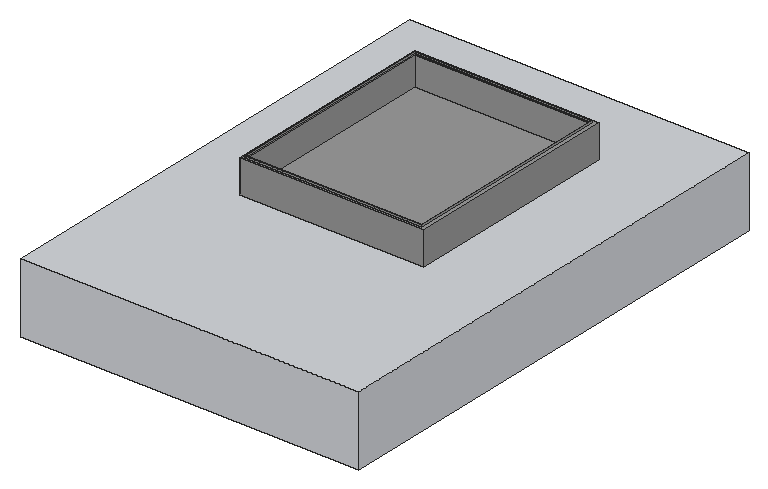
Revit family "Hager-Univers-IP30-D161-Cl.II-FWB-encl--CH-fr", category Equipement électrique, Revit 2020
Family settings
  Hôte = Face
  Configuration du panneau = Deux colonnes, circuits au sein
  Cote de connecteur circulaire = Utiliser le diamètre
  Type d'élément = Tableau de raccordement
  Couper avec des vides une fois chargée = Non
  Partagée = Non
  Point de calcul de pièce = Non
Parameters (values of type "saillie IP30 L800 H950 P161  - FWB63D1")
  Width Control [instance] = if([EF000008 - largeur] > Min Width, [EF000008 - largeur], Min Width)  # 800 mm
  Commentaires du type = [HG000003 - Gamme]  # "Univers"
  Thickness Door [instance] = if([EF009171 - épaisseur de matériau de la porte/du couvercle] > 3 mm, 3 mm, [EF009171 - épaisseur de matériau de la porte/du couvercle])  # 1 mm
  Seal Frame Offset [instance] = 17 mm  # constant formula
  Plinth Visibility [instance] = [HG000027 - Hauteur du socle] > 0 mm  # no
  Model = ""
  Min Width [instance] = 100 mm  # constant formula
  Min Height [instance] = 100 mm  # constant formula
  Min Depth [instance] = (2 * [EF009170 - épaisseur de matériau du boîtier]) + 1 mm  # 5 mm
  Internal Frame Depth [instance] = (Door System Depth * 0.5)  # 9 mm
  Height Control [instance] = if([EF000040 - hauteur] > Min Height, [EF000040 - hauteur], Min Height)  # 950 mm
  HG000027 - Hauteur du socle = 0 mm
  HG000026 - Installation au sol = no
  HG000024 - Hauteur de la section basse = 800 mm
  HG000023 - Armoire double section = no
  HG000016 - Visibilité de la porte 3D [instance] = yes
  HG000015 - Visibilité de l'emprise de la porte [instance] = no
  HG000014 - Porte à droite [instance] = yes
  HG000013 - Porte à gauche [instance] = not([HG000014 - Porte à droite])  # no
  HG000012 - Angle de pivotement de la porte [instance] = 30.00°
  HG000010 - Portes asymétriques = no
  HG000009 - Porte à double battant = no
  HG000006 - Encastré = no
  HG000004 - Référence fabricant = "FWB63D1"
  HG000003 - Gamme = "Univers"
  HG000002 - avec porte = no
  Frame Offset Bottom [instance] = 10 mm  # constant formula
  Frame Offset [instance] = 15 mm  # constant formula
  EF015940 - couvercle avec décharge de pression = no
  EF011959 - degré de protection (NEMA) = ""
  EF009554 - nombre d'ouvertures pour plaques à bride = 6
  Fabricant = "Hager"  # constant formula
  EF009212 - finition du couvercle = "EV009916 - avec échancrure"
  EF009171 - épaisseur de matériau de la porte/du couvercle = 1 mm
  EF009170 - épaisseur de matériau du boîtier = 2 mm
  EF008873 - courant nominal (In) = 125 A
  EF007800 - adapté à un parafoudre = no
  EF006306 - avec serrure = no
  EF006244 - couvercle/porte transparent(e) = no
  EF005474 - indice de protection (IP) = "EV006410 - IP30"
  EF004464 - type de porte = "EV000494 - sans"
  EF004427 - nombre de modules = 216
  EF004293 - indice de protection contre les chocs (IK) = "EV006815 - IK09"
  EF003532 - convient pour utilisation à l’extérieur = no
  EF002950 - largeur en nombre de modules = 12
  EF001613 - maintien de fonction = "EV000494 - sans"
  EF001596 - matériau du boîtier/corps = "EV000179 - acier"
  EF001131 - profondeur intérieure = 160 mm
  EF001088 - possibilité de montage en saillie = yes
  EF000437 - nombre d'entrées de conduit = 12
  EF000339 - type de capot = "EV004216 - porte"
  EF000266 - nombre de rangées = 0
  EF000218 - profondeur d'encastrement = 0 mm
  EF000118 - avec cadre/support de montage = no
  EF000116 - numéro RAL = "9010"
  EF000049 - profondeur = 161 mm
  EF000040 - hauteur = 950 mm
  EF000008 - largeur = 800 mm
  EF000007 - couleur = "EV000202 - blanc"
  EF000003 - mode de pose = "EV000384 - saillie"
  Door System Leaf Tolerance [instance] = 1.5 mm  # constant formula
  Door System Depth [instance] = 18 mm  # constant formula
  Door Height [instance] = Height Control - [HG000027 - Hauteur du socle]  # 950 mm
  Depth Control [instance] = if([EF000049 - profondeur] > Min Depth, [EF000049 - profondeur], Min Depth)  # 161 mm
  Default Elevation = 0 mm
  Connector Offset [instance] = Height Control / 2  # 475 mm
  Bottom Top Plate Trim [instance] = 1.5 mm  # constant formula
  Plinth height Ctrl [instance] = if([HG000027 - Hauteur du socle] > 0 mm, [HG000027 - Hauteur du socle], 12 mm)  # 12 mm
Types (19, lengths in mm): name | Width Control | Thickness Door | Min Depth | Height Control | HG000004 - Référence fabricant | EF009554 - nombre d'ouvertures pour plaques à bride | EF009212 - finition du couvercle | EF009171 - épaisseur de matériau de la porte/du couvercle | EF009170 - épaisseur de matériau du boîtier | EF004427 - nombre de modules | EF001131 - profondeur intérieure | EF000437 - nombre d'entrées de conduit | EF000339 - type de capot | EF000040 - hauteur | EF000008 - largeur | Door Height | Connector Offset
  saillie IP30 L1050 H1100 P161  - FWB74D1 | 1050 | 1 | 3 | 1100 | "FWB74D1" | 8 | "EV009916 - avec échancrure" | 1 | 1 | 336 | 156 | 16 | "EV000494 - sans" | 1100 | 1050 | 1100 | 550
  saillie IP30 L1050 H500 P161  - FWB34D1 | 1050 | 2 | 3 | 500 | "FWB34D1" | 8 | "EV009916 - avec échancrure" | 2 | 1 | 144 | 156 | 16 | "EV000494 - sans" | 500 | 1050 | 500 | 250
  saillie IP30 L1050 H650 P161  - FWB44D1 | 1050 | 1 | 3 | 650 | "FWB44D1" | 8 | "EV000116 - fermé" | 1 | 1 | 192 | 160 | 16 | "EV004216 - porte" | 650 | 1050 | 650 | 325
  saillie IP30 L1050 H800 P161  - FWB54D1 | 1050 | 1 | 5 | 800 | "FWB54D1" | 8 | "EV009916 - avec échancrure" | 1 | 2 | 240 | 160 | 16 | "EV004216 - porte" | 800 | 1050 | 800 | 400
  saillie IP30 L1050 H950 P161  - FWB64D1 | 1050 | 1 | 5 | 950 | "FWB64D1" | 8 | "EV009916 - avec échancrure" | 1 | 2 | 288 | 160 | 16 | "EV004216 - porte" | 950 | 1050 | 950 | 475
  saillie IP30 L300 H1100 P161  - FWB71D1 | 300 | 1 | 3 | 1100 | "FWB71D1" | 2 | "EV009916 - avec échancrure" | 1 | 1 | 84 | 156 | 4 | "EV000494 - sans" | 1100 | 300 | 1100 | 550
  saillie IP30 L300 H1250 P161  - FWB81D1 | 300 | 1 | 3 | 1250 | "FWB81D1" | 2 | "EV009916 - avec échancrure" | 1 | 1 | 96 | 160 | 4 | "EV000494 - sans" | 1250 | 300 | 1250 | 625
  saillie IP30 L300 H650 P161  - FWB41D1 | 300 | 1 | 3 | 650 | "FWB41D1" | 2 | "EV000116 - fermé" | 1 | 1 | 48 | 160 | 4 | "EV004216 - porte" | 650 | 300 | 650 | 325
  saillie IP30 L300 H800 P161  - FWB51D1 | 300 | 1 | 3 | 800 | "FWB51D1" | 2 | "EV009916 - avec échancrure" | 1 | 1 | 60 | 156 | 4 | "EV000494 - sans" | 800 | 300 | 800 | 400
  saillie IP30 L300 H950 P161  - FWB61D1 | 300 | 1 | 3 | 950 | "FWB61D1" | 2 | "EV009916 - avec échancrure" | 1 | 1 | 72 | 156 | 4 | "EV000494 - sans" | 950 | 300 | 950 | 475
  saillie IP30 L550 H1100 P161  - FWB72D1 | 550 | 1 | 3 | 1100 | "FWB72D1" | 4 | "EV009916 - avec échancrure" | 1 | 1 | 168 | 156 | 8 | "EV000494 - sans" | 1100 | 550 | 1100 | 550
  saillie IP30 L550 H500 P161  - FWB32D1 | 550 | 2 | 5 | 500 | "FWB32D1" | 4 | "EV009916 - avec échancrure" | 2 | 2 | 72 | 156 | 8 | "EV000494 - sans" | 500 | 550 | 500 | 250
  saillie IP30 L550 H650 P161  - FWB42D1 | 550 | 1 | 3 | 650 | "FWB42D1" | 4 | "EV000116 - fermé" | 1 | 1 | 96 | 160 | 8 | "EV004216 - porte" | 650 | 550 | 650 | 325
  saillie IP30 L550 H800 P161  - FWB52D1 | 550 | 1 | 3 | 800 | "FWB52D1" | 4 | "EV009916 - avec échancrure" | 1 | 1 | 120 | 156 | 8 | "EV000494 - sans" | 800 | 550 | 800 | 400
  saillie IP30 L550 H950 P161  - FWB62D1 | 550 | 1 | 3 | 950 | "FWB62D1" | 4 | "EV009916 - avec échancrure" | 1 | 1 | 144 | 156 | 8 | "EV000494 - sans" | 950 | 550 | 950 | 475
  saillie IP30 L800 H500 P161  - FWB33D1 | 800 | 1 | 3 | 500 | "FWB33D1" | 6 | "EV000116 - fermé" | 1 | 1 | 108 | 160 | 12 | "EV004216 - porte" | 500 | 800 | 500 | 250
  saillie IP30 L800 H650 P161  - FWB43D1 | 800 | 1 | 5 | 650 | "FWB43D1" | 6 | "EV000116 - fermé" | 1 | 2 | 144 | 160 | 12 | "EV004216 - porte" | 650 | 800 | 650 | 325
  saillie IP30 L800 H800 P161  - FWB53D1 | 800 | 1 | 3 | 800 | "FWB53D1" | 6 | "EV000116 - fermé" | 1 | 1 | 180 | 160 | 12 | "EV004216 - porte" | 800 | 800 | 800 | 400
  saillie IP30 L800 H950 P161  - FWB63D1 | 800 | 1 | 5 | 950 | "FWB63D1" | 6 | "EV009916 - avec échancrure" | 1 | 2 | 216 | 160 | 12 | "EV004216 - porte" | 950 | 800 | 950 | 475
Reference planes
  plane 1 "Center (Front/Back)": y = 0
  plane 2: z = 0
  plane 3 "Center (Left/Right)": x = 0
  plane 4: z = 161
  plane 5: y = 2
  plane 6: y = 475
  plane 7: y = 0
  plane 8: y = 950
  plane 9: z = 0
  plane 10: x = -385
  plane 11: x = 385
  plane 12: x = 383
  plane 13: x = -383
  plane 14: y = 948
  plane 15: x = -383
  plane 16: x = -400
  plane 17: x = 383
  plane 18: x = 400
  plane 19: x = 398
  plane 20: x = -398
  plane 21: y = 12
  plane 22: y = 950
  plane 23: y = 933
  plane 24: z = 143
  plane 25: z = 2
  plane 26: z = 141
  plane 27: z = 159
Forms (mm)
  Extrusion 1, solid
    sketch origin (0, 0, 0) x (1, 0, 0) y (0, 1, 0)
      loop
        line (-702.964, 1305) -> (-702.964, -811.445) -> (766.763, -811.445) -> (766.763, 1305) -> (-702.964, 1305)
    from 0 to -304.8
  Extrusion 2, solid, material "Hager_Steel_RAL7035_Light_Grey", visible <- "Plinth Visibility", detail levels medium+fine
    sketch origin (0, 0, 0) x (1, 0, 0) y (0, 1, 0)
      loop
        line (-400, 0) -> (400, 0) -> (400, 12) -> (-400, 12) -> (-400, 0)
    from 0 to 143
  Extrusion 3, solid, material "Hager_Steel_RAL7035_Light_Grey", detail levels medium+fine
    sketch origin (0, 0, 0) x (1, 0, 0) y (0, 1, 0)
      loop
        line (-400, 0) -> (400, 0) -> (400, 950) -> (-400, 950) -> (-400, 0)
    from 0 to 143
  Extrusion 4, void
    sketch origin (0, 0, 0) x (1, 0, 0) y (0, 1, 0)
      loop
        line (-398, 2) -> (398, 2) -> (398, 948) -> (-398, 948) -> (-398, 2)
    from 2 to 141
  Extrusion 5, void
    sketch origin (-381.607, -4572, 143) x (0, -1, 0) y (-1, 0, 0)
      loop
        line (-4584, 1.393) -> (-5505, 1.393) -> (-5505, -764.607) -> (-4584, -764.607) -> (-4584, 1.393)
    from 0 to 2 <- "EF009170 - épaisseur de matériau du boîtier"
  Extrusion 6, solid, material "Hager_Steel_RAL7035_Light_Grey", detail levels fine
    sketch origin (0, 0, 143) x (1, 0, 0) y (0, 1, 0)
      loop
        line (-383, 933) -> (-383, 12) -> (383, 12) -> (383, 933) -> (-383, 933)
      loop
        line (-384, 11) -> (384, 11) -> (384, 934) -> (-384, 934) -> (-384, 11)
    from 0 to 9 <- "Internal Frame Depth"
  Extrusion 7, solid, material "Hager_Steel_RAL7035_Light_Grey", detail levels coarse
    sketch origin (0, 0, 0) x (1, 0, 0) y (0, 1, 0)
      loop
        line (-400, 0) -> (400, 0) -> (400, 950) -> (-400, 950) -> (-400, 0)
    from 0 to 161
  Sweep 8, void
    path in 3D
      loop
        line (-400, 12, 0) -> (400, 12, 0) -> (400, 12, 143) -> (-400, 12, 143) -> (-400, 12, 0)
    profile origin (-400, 12, 71.5) x (-1, 0, 0) y (0, -1, 0)
      loop
        line (0, 0) -> (0, 1.5) -> (-1.5, 1.5)
        arc (-1.5, 1.5) -> (-1.061, 0.439) -> (0, 0) r 1.5
Cuts and joins
  Extrusion 4, Extrusion 5 cuts Extrusion 3
  Sweep 8 cuts Extrusion 2
Lines and regions (mm)
  Masking region 1
    outline origin (0, 0, 0) x (1, 0, 0) y (0, 0, 1)
      loop
        line (-400, 161) -> (-400, 0) -> (400, 0) -> (400, 161) -> (-400, 161)
  Masking region 2, detail levels medium+fine
    outline origin (0, 140, 0) x (0, 1, 0) y (0, 0, 1)
      loop
        line (-140, 0) -> (810, 0) -> (810, 143) -> (-140, 143) -> (-140, 0)
  Masking region 3, not visible, detail levels medium+fine
    outline origin (0, 297.922, 0) x (0, 1, 0) y (0, 0, 1)
      loop
        line (188.578, 0) -> (228.578, 0) -> (228.578, 149)
        arc (228.578, 149) -> (225.649, 156.071) -> (218.578, 159) r 10
        line (218.578, 159) -> (188.578, 159) -> (188.578, 0)
  Masking region 4, detail levels coarse
    outline origin (0, 0, 180) x (0, 1, 0) y (0, 0, 1)
      loop
        line (0, -180) -> (950, -180) -> (950, -19) -> (0, -19) -> (0, -180)
  Masking region 5, visible <- "Plinth Visibility", detail levels medium+fine
    outline origin (0, 52.24, 12.345) x (0, 0, -1) y (0, 1, 0)
      loop
        line (10.845, -40.24) -> (-129.155, -40.24)
        arc (-129.155, -40.24) -> (-129.594, -41.301) -> (-130.655, -41.74) r 1.5
        line (-130.655, -41.74) -> (-130.655, -52.24) -> (12.345, -52.24) -> (12.345, -41.74)
        arc (12.345, -41.74) -> (11.285, -41.301) -> (10.845, -40.24) r 1.5
  Masking region 6, detail levels medium+fine
    outline origin (-381.607, -4572, 143) x (-1, 0, 0) y (0, -1, 0)
      loop
        line (18.393, -5522) -> (18.393, -4572) -> (-781.607, -4572) -> (-781.607, -5522) -> (18.393, -5522)
  Masking region 7, visible <- "Plinth Visibility", detail levels medium+fine
    outline origin (-381.607, -4727, 143) x (-1, 0, 0) y (0, -1, 0)
      loop
        arc (16.893, -4739) -> (17.332, -4737.939) -> (18.393, -4737.5) r 1.5
        line (18.393, -4737.5) -> (18.393, -4727) -> (-781.607, -4727) -> (-781.607, -4737.5)
        arc (-781.607, -4737.5) -> (-780.546, -4737.939) -> (-780.107, -4739) r 1.5
        line (-780.107, -4739) -> (16.893, -4739)
  Masking region 8, detail levels coarse
    outline origin (-442.548, -4669.526, 143) x (-1, 0, 0) y (0, -1, 0)
      loop
        line (-42.548, -5619.526) -> (-42.548, -4669.526) -> (-842.548, -4669.526) -> (-842.548, -5619.526) -> (-42.548, -5619.526)
  sketch lines
    curve 1: line (-400, 12, 143) -> (-400, 12, 0)
    curve 2: line (400, 12, 143) -> (-400, 12, 143)
    curve 3: line (400, 12, 143) -> (400, 12, 0)
    curve 4: line (-400, 12, 0) -> (400, 12, 0)
Dimensions and locks
  "Depth Control": plane 4 to Extrusion 1
  "HG000027 - Hauteur du socle": plane 1 "Center (Front/Back)" to plane 7
  "EF009170 - épaisseur de matériau du boîtier": plane 5 to plane 7
  locked: connector elem to plane 3 "Center (Left/Right)"
  equal spacing: plane 8, plane 6, plane 7
  locked: connector elem to plane 6
  "EF009170 - épaisseur de matériau du boîtier": plane 8 to plane 14
  "EF009170 - épaisseur de matériau du boîtier": plane 10 to plane 13
  "EF009170 - épaisseur de matériau du boîtier": plane 12 to plane 11
  "Frame Offset": plane 20 to plane 13
  "Frame Offset": plane 12 to plane 19
  "EF009170 - épaisseur de matériau du boîtier": plane 16 to plane 20
  "EF009170 - épaisseur de matériau du boîtier": plane 19 to plane 18
  "Seal Frame Offset": plane 16 to plane 15
  "Seal Frame Offset": plane 17 to plane 18
  "Frame Offset Bottom": plane 21 to plane 5
  "Frame Offset": plane 14 to plane 23
  equal spacing: plane 16, plane 3 "Center (Left/Right)", plane 18
  "Width Control": plane 16 to plane 18
  "EF009170 - épaisseur de matériau du boîtier": plane 4 to plane 27
  "EF009170 - épaisseur de matériau du boîtier": plane 24 to plane 26
  "EF009170 - épaisseur de matériau du boîtier": plane 25 to level
  "Door System Depth": plane 4 to plane 24
  "Height Control": plane 1 "Center (Front/Back)" to Extrusion 7 sketch curve
  "Height Control": Masking region 4 sketch curve to plane 1 "Center (Front/Back)"
  "Height Control": plane 1 "Center (Front/Back)" to plane 22
  "Bottom Top Plate Trim": profile plane to Sweep 8 sketch curve
  "Bottom Top Plate Trim": Sweep 8 sketch curve to profile plane
  "Plinth height Ctrl": plane 1 "Center (Front/Back)" to Extrusion 2 sketch curve
  "Plinth height Ctrl": Masking region 5 sketch curve to plane 1 "Center (Front/Back)"
  "Plinth height Ctrl": plane 1 "Center (Front/Back)" to Masking region 7 sketch curve
  "Thickness Door": Extrusion 6 sketch curve to Extrusion 6 sketch curve  (x3)
  "Thickness Door": cut or joined group of Extrusion 3, Extrusion 4, Extrusion 5 to Extrusion 6 sketch curve
  radius of Masking region 3 sketch curve = 10 mm
  "Bottom Top Plate Trim": radius of Masking region 5 sketch curve  (x2)
  "Bottom Top Plate Trim": radius of Sweep 8 sketch curve
  "Bottom Top Plate Trim": radius of Masking region 7 sketch curve  (x2)
  aligned and locked: plane 2 to Extrusion 1
  aligned and locked: level to Extrusion 1
  aligned and locked: level to Masking region 1 sketch curve
  aligned and locked: Masking region 1 sketch curve to plane 18
  aligned and locked: Masking region 1 sketch curve to plane 16
  aligned and locked: plane 7 to Masking region 2 sketch curve
  aligned and locked: level to Masking region 3 sketch curve
  aligned and locked: Masking region 3 sketch curve to plane 27
  aligned and locked: level to Masking region 2 sketch curve
  aligned and locked: plane 1 "Center (Front/Back)" to Extrusion 2 sketch curve
  aligned and locked: Extrusion 3 sketch curve to plane 7
  aligned and locked: plane 16 to Extrusion 3 sketch curve
  aligned and locked: plane 18 to Extrusion 3 sketch curve
  aligned and locked: plane 20 to Extrusion 4 sketch curve
  aligned and locked: plane 19 to Extrusion 4 sketch curve
  aligned and locked: Extrusion 4 sketch curve to plane 5
  aligned and locked: Extrusion 4 to plane 25
  aligned and locked: plane 26 to Extrusion 4
  aligned and locked: plane 24 to Extrusion 3
  aligned and locked: Extrusion 5 sketch curve to plane 21
  aligned and locked: Extrusion 5 sketch curve to plane 13
  aligned and locked: Extrusion 5 sketch curve to plane 12
  aligned and locked: plane 18 to Extrusion 7 sketch curve
  aligned and locked: plane 1 "Center (Front/Back)" to Extrusion 7 sketch curve
  aligned and locked: plane 16 to Extrusion 7 sketch curve
  aligned and locked: plane 4 to Extrusion 7
  aligned and locked: Extrusion 7 to level
  aligned and locked: level to Masking region 4 sketch curve
  aligned and locked: Masking region 4 sketch curve to plane 1 "Center (Front/Back)"
  aligned and locked: Masking region 4 sketch curve to plane 4
  aligned and locked: nested 1 to level
  aligned and locked: nested 1 to plane 16
  aligned and locked: plane 8 to Extrusion 3 sketch curve
  aligned and locked: plane 23 to Extrusion 5 sketch curve
  aligned and locked: plane 14 to Extrusion 4 sketch curve
  aligned and locked: Masking region 2 sketch curve to plane 8
  aligned and locked: level to Masking region 5 sketch curve
  aligned and locked: plane 16 to Extrusion 2 sketch curve
  aligned and locked: plane 18 to Extrusion 2 sketch curve
  aligned and locked: Masking region 5 sketch curve to plane 24
  aligned and locked: Masking region 2 sketch curve to plane 24
  aligned and locked: plane 24 to Extrusion 2
  aligned and locked: profile plane to Sweep 8 sketch curve  (x2)
  aligned and locked: Masking region 6 sketch curve to plane 18
  aligned and locked: Masking region 6 sketch curve to plane 22
  aligned and locked: Masking region 6 sketch curve to plane 16
  aligned and locked: plane 8 to plane 22
  aligned and locked: Masking region 6 sketch curve to plane 7
  aligned and locked: Masking region 7 sketch curve to plane 16
  aligned and locked: Masking region 7 sketch curve to plane 1 "Center (Front/Back)"
  aligned and locked: Masking region 7 sketch curve to plane 18
  aligned and locked: Masking region 8 sketch curve to plane 1 "Center (Front/Back)"
  aligned and locked: Masking region 8 sketch curve to plane 18
  aligned and locked: Masking region 8 sketch curve to plane 22
  aligned and locked: Masking region 8 sketch curve to plane 16
  aligned and locked: nested 2 to plane 7
  aligned and locked: plane 3 "Center (Left/Right)" to nested 2
  aligned and locked: nested 2 to plane 24
  aligned and locked: Extrusion 6 sketch curve to cut or joined group of Extrusion 3, Extrusion 4, Extrusion 5  (x4)
Automatic sketch dimensions
  Extrusion 1 sketch curve to Extrusion 1 sketch curve = 1469.727 mm
  Extrusion 1 sketch curve to Extrusion 1 sketch curve = 2116.445 mm
  Masking region 1 sketch curve to plane 4 = 0 mm
  plane 6 to Masking region 3 sketch curve = 11.5 mm
  Masking region 3 sketch curve to Masking region 3 sketch curve = 30 mm
  Masking region 5 sketch curve to plane 1 "Center (Front/Back)" = 0 mm
Nested families
  nested 1: "Hager_Enclosure_Symbol" at (-400, 0, 0) x (1, 0, 0) z (0, -1, 0), Height <- "Depth Control", Width <- "Width Control", type "Hager_Enclosure_Symbol"
    with Width_Ctrl 800 mm, Width 800 mm, Height_Ctrl 161 mm, Height 161 mm, A_Width_Int 10.566 mm, A_Width 126.788 mm, A_Height_Ctrl 140.875 mm, A_Height 140.875 mm
  nested 2: "EC000058_Univers_Door" at (0, 0, 143) x (1, 0, 0) z (0, 1, 0), Leaf_Tolerance <- "Door System Leaf Tolerance", Angle <- "HG000012 - Angle de pivotement de la porte", Door_Depth <- "Door System Depth", Door_Left <- "HG000013 - Porte à gauche", Transparent <- "EF006244 - couvercle/porte transparent(e)", Assymetrical <- "HG000010 - Portes asymétriques", Width <- "Width Control", Clearance <- "HG000015 - Visibilité de l'emprise de la porte", Double <- "HG000009 - Porte à double battant", 3d_Door <- "HG000016 - Visibilité de la porte 3D", Lock_Visibility <- "EF006306 - avec serrure", Width_Ctrl <- "Width Control", Door_Right <- "HG000014 - Porte à droite", Door <- "HG000002 - avec porte", Height <- "Door Height", Thickness <- "Thickness Door", type "EC000058_Univers_Door", detail levels medium+fine
    with min_wh 3 mm, Width_Ctrl 800 mm, Width 800 mm, Transparent no, Thickness 1 mm, Seal_Material Hager_Rubber, Lock_Visibility no, Lock_Material Hager_Plastic_RAL9005_Jet_Black, Leaf_Width 800 mm, Leaf_Tolerance_External_Sides 0 mm, Leaf_Tolerance 1.5 mm, Leaf_Offset 0 mm, Leaf_Height 947 mm, Leaf_2_Width 800 mm, Leaf_2_Offset 400 mm, Leaf_1_Width 800 mm, Leaf_1_Offset 400 mm, Height_Ctrl 950 mm, Height 950 mm, Glass_Material Hager_Glass, Double_Clearance_Ctrl no, Double no, Door_Right_Ctrl no, Door_Right yes, Door_Material Hager_Steel_RAL7035_Light_Grey, Door_Left_Ctrl no, Door_Left no, Door_Depth 18 mm, Door no, Clearance_Material Hager_Clearance, Clearance_Depth 800 mm, Clearance_Ctrl no, Clearance no, Assymetrical no, Angle 30.00°, 3d_Door yes
Connectors
  electrical at (0, 475, 0)
    settings: on plane 9, index 1, voltage 0 V, apparent load 0 VA, apparent load phase1 0 VA, apparent load phase2 0 VA, apparent load phase3 0 VA, power factor 1, load classification "Other", number of poles 1, system type 30, power factor state 1, is connector primary yes, connector utility no, sub classification motor no, connector description ""
Definition of nested family "Hager_Enclosure_Symbol"
  Parameters (values of type "Hager_Enclosure_Symbol")
    Width_Ctrl [instance] = if(Width > 1 mm, Width, 1 mm)  # 102.27 mm
    Width [instance] = 102.27 mm
    Height_Ctrl [instance] = if(Height > 1 mm, Height, 1 mm)  # 66.5 mm
    A_Width_Int [instance] = if(A_Width / 12 > 2 mm, A_Width / 12, 2 mm)  # 4.364 mm
    A_Width [instance] = if(A_Height_Ctrl * 0.9 > 2 mm, A_Height_Ctrl * 0.9, 2 mm)  # 52.369 mm
    A_Height_Ctrl [instance] = if(A_Height > 2 mm, A_Height, 2 mm)  # 58.188 mm
    Height [instance] = 66.5 mm
    A_Height [instance] = Height - (Height / 8)  # 58.188 mm
  Reference planes
    plane 1 "Centre (avant/arrière)": y = 0
    plane 2: z = 0
    plane 3 "Centre (gauche/droite)": x = 0
    plane 4: x = 52.369
    plane 5: y = 33.042
    plane 6: y = 41.77
    plane 7: y = 66.5
    plane 8: x = 26.184
    plane 9: y = 37.406
    plane 10: x = 102.27
    plane 11: y = 66.5
    plane 12: y = 8.313
  Lines and regions (mm)
    Filled region 1, type "Solid_Black", in view "Niveau de réf."
      outline origin (0, 0, 0) x (1, 0, 0) y (0, 1, 0)
        loop
          line (52.369, 66.5) -> (33.188, 54.536) -> (45.365, 45.006) -> (52.369, 66.5)
    Filled region 2, type "Solid_Black", in view "Niveau de réf."
      outline origin (0, 0, 0) x (1, 0, 0) y (0, 1, 0)
        loop
          line (0, 0) -> (102.27, 0) -> (102.27, 66.5) -> (0, 0)
    detail lines, in view "Niveau de réf."
      curve 1: line (0, 8.313, 0) -> (26.184, 41.77, 0)
      curve 2: line (26.184, 41.77, 0) -> (26.184, 33.042, 0)
      curve 3: line (26.184, 33.042, 0) -> (52.369, 66.5, 0)
  Dimensions and locks
    "A_Width": plane 3 "Centre (gauche/droite)" to plane 4
    equal spacing: plane 3 "Centre (gauche/droite)", plane 8, plane 4
    equal spacing: plane 6, plane 9, plane 5
    equal spacing: curve 3, Filled region 1 sketch curve, Filled region 1 sketch curve
    "Height_Ctrl": plane 1 "Centre (avant/arrière)" to plane 11
    "A_Height_Ctrl": plane 11 to plane 12
    equal spacing: plane 11, plane 9, plane 12
    "A_Width_Int": plane 6 to plane 9
    "Width_Ctrl": plane 3 "Centre (gauche/droite)" to plane 10
    angle Filled region 1 sketch curve to curve 3 = 20.00°
    angle curve 3 to Filled region 1 sketch curve = 20.00°
    locked: curve 3 to Filled region 1 sketch curve (angle 90.00°)
    aligned and locked: plane 10 to Filled region 2
    aligned and locked: plane 11 to Filled region 2 sketch curve
    aligned and locked: plane 10 to Filled region 2 sketch curve
    aligned and locked: plane 3 "Centre (gauche/droite)" to curve 1
    aligned and locked: plane 12 to curve 1
    aligned and locked: plane 7 to plane 11
  Automatic sketch dimensions
    Filled region 1 sketch curve to plane 4 = 0 mm
    Filled region 1 sketch curve to plane 7 = 0 mm
    plane 1 "Centre (avant/arrière)" to Filled region 2 sketch curve = 0 mm
    Filled region 2 sketch curve to plane 3 "Centre (gauche/droite)" = 0 mm
    curve 2 to plane 6 = 0 mm
    curve 2 to plane 8 = 0 mm
    curve 3 to plane 4 = 0 mm
    curve 2 to plane 5 = 0 mm
    curve 3 to plane 7 = 0 mm
Definition of nested family "EC000058_Univers_Door"
  Parameters (values of type "EC000058_Univers_Door")
    min_wh [instance] = (2 * Thickness) + 1 mm  # 11 mm
    Width_Ctrl [instance] = 400 mm
    Width [instance] = 500 mm
    Transparent [instance] = yes
    Thickness [instance] = 5 mm
    Seal_Material [instance] = none
    Lock_Visibility [instance] = yes
    Lock_Material [instance] = none
    Leaf_Width [instance] = if((Width_Ctrl - 2 * Leaf_Tolerance_External_Sides) > 0 mm, (Width_Ctrl - 2 * Leaf_Tolerance_External_Sides), min_wh)  # 400 mm
    Leaf_Tolerance_External_Sides [instance] = 0 mm  # constant formula
    Leaf_Tolerance [instance] = 1.5 mm
    Leaf_Offset [instance] = 0 mm  # constant formula
    Leaf_Height [instance] = if((Height_Ctrl - 2 * Leaf_Tolerance) > 0 mm, (Height_Ctrl - 2 * Leaf_Tolerance), min_wh)  # 497 mm
    Leaf_2_Width [instance] = if(and(and(Double, Assymetrical), Door_Left), (Leaf_Width / 3) - (Leaf_Tolerance / 2), if(and(and(Double, Assymetrical), Door_Right), (Leaf_Width / 3) * 2 - (Leaf_Tolerance / 2), if(and(Double, not(Assymetrical)), (Leaf_Width / 2) - Leaf_Tolerance, Leaf_Width)))  # 400 mm
    Leaf_2_Offset [instance] = if(and(Double, Assymetrical), Leaf_2_Width / 2, if(and(Double, not(Assymetrical)), Leaf_Width / 4, Leaf_Width / 2))  # 200 mm
    Leaf_1_Width [instance] = if(and(and(Double, Assymetrical), Door_Right), (Leaf_Width / 3) - (Leaf_Tolerance / 2), if(and(and(Double, Assymetrical), Door_Left), (Width / 3) * 2 - (Leaf_Tolerance / 2), if(and(Double, not(Assymetrical)), (Leaf_Width / 2) - Leaf_Tolerance, Leaf_Width)))  # 400 mm
    Leaf_1_Offset [instance] = if(and(Double, Assymetrical), Leaf_1_Width / 2, if(and(Double, not(Assymetrical)), Leaf_Width / 4, Leaf_Width / 2))  # 200 mm
    Height_Ctrl [instance] = if(Height > min_wh, Height, min_wh)  # 500 mm
    Height [instance] = 500 mm
    Glass_Material [instance] = none
    Double_Clearance_Ctrl [instance] = and(Double, Clearance)  # no
    Double [instance] = no
    Door_Right_Ctrl [instance] = and(or(Door_Right, Double), Door)  # yes
    Door_Right [instance] = yes
    Door_Material [instance] = none
    Door_Left_Ctrl [instance] = and(or(Door_Left, Double), Door)  # no
    Door_Left [instance] = no
    Door_Depth [instance] = 30 mm
    Door [instance] = yes
    Default Elevation = 1219.2 mm
    Clearance_Material [instance] = none
    Clearance_Depth [instance] = if(Leaf_1_Width > Leaf_2_Width, Leaf_1_Width, Leaf_2_Width)  # 400 mm
    Clearance_Ctrl [instance] = and(not(Double), Clearance)  # yes
    Clearance [instance] = yes
    Assymetrical [instance] = yes
    Angle [instance] = 30.00°
    3d_Door [instance] = yes
  Reference planes
    plane 1 "Center (Front/Back)": y = 0
    plane 2 "Bottom": z = 0
    plane 3 "Center (Left/Right)": x = 0
    plane 4: z = 500
    plane 5: x = -200
    plane 6: x = 200
    plane 7: z = 500
    plane 8: x = -200
    plane 9: z = 0
    plane 10: x = 200
    plane 11: y = 0
    plane 12: z = 1.5
    plane 13: x = -600
    plane 14: y = -400
    plane 15: x = 600
    plane 16: x = 0
    plane 17: x = 0
    plane 18: x = -200
    plane 19: x = 200
    plane 20: z = 498.5
  Forms (mm)
    Extrusion 1, solid, material <- "Clearance_Material", visible <- "Double_Clearance_Ctrl"
      sketch origin (1200, 0, 0) x (1, 0, 0) y (0, 0, -1)
        loop
          line (-1800, -498.5) -> (-600, -498.5) -> (-600, 0) -> (-1800, 0) -> (-1800, -498.5)
      from 0 to -400
  Dimensions and locks
    equal spacing: plane 5, plane 3 "Center (Left/Right)", plane 6
    "Width_Ctrl": plane 5 to plane 6
    "Leaf_Offset": plane 5 to plane 8
    "Leaf_Offset": plane 6 to plane 10
    "Leaf_Offset": plane 9 to level
    "Leaf_Offset": plane 4 to plane 7
    "Height_Ctrl": plane 4 to level
    "Leaf_Tolerance": plane 12 to plane 9
    locked: plane 11 to plane 1 "Center (Front/Back)"
    "Leaf_1_Offset": plane 18 to plane 16
    "Leaf_2_Offset": plane 17 to plane 19
    "Leaf_1_Width": plane 13 to plane 8
    "Leaf_2_Width": plane 10 to plane 15
    "Clearance_Depth": plane 14 to plane 1 "Center (Front/Back)"
    "Leaf_Tolerance_External_Sides": plane 8 to plane 18
    "Leaf_Tolerance_External_Sides": plane 19 to plane 10
    "Leaf_Tolerance": plane 7 to plane 20
    aligned and locked: level to plane 2 "Bottom"
    aligned and locked: nested 1 to plane 16
    aligned and locked: nested 2 to plane 17
    aligned and locked: Extrusion 1 to plane 13
    aligned and locked: plane 15 to Extrusion 1
    aligned and locked: Extrusion 1 to plane 14
    aligned and locked: plane 12 to nested 1
    aligned and locked: nested 2 to plane 12
    aligned and locked: Extrusion 1 to plane 11
    aligned and locked: plane 20 to Extrusion 1
    aligned and locked: nested 2 to plane 11
    aligned and locked: nested 1 to plane 11
  Automatic sketch dimensions
    Extrusion 1 sketch curve to level = 0 mm
    plane 5 to Extrusion 1 sketch curve = 400 mm
    plane 6 to Extrusion 1 sketch curve = 400 mm
    Extrusion 1 sketch curve to plane 4 = 1.5 mm
  Nested families
    nested 1: "EC000058_Univers_Door_Leaf" at (0, 0, 1.5), Width <- "Leaf_1_Width", visible <- "Door_Left_Ctrl", Leaf_Height <- "Leaf_Height", Angle <- "Angle", 3d_Door <- "3d_Door", Transparent <- "Transparent", Clearance Material <- "Clearance_Material", Clearance <- "Clearance_Ctrl", Door_Material <- "Door_Material", Glass_Material <- "Glass_Material", Door_Depth <- "Door_Depth", Lock_Material <- "Lock_Material", Seal_Material <- "Seal_Material", Lock_Visibility <- "Lock_Visibility", Thickness <- "Thickness", type "EC000058_Univers_Door_Leaf"
      with Width 400 mm, Transparent_Glass_Offset 30 mm, Transparent_Ctrl yes, Transparent yes, Thickness 5 mm, Standard no, Seal_Material none, Seal_D2 8 mm, Seal_D1 1 mm, Offset_Internal_Frame 10 mm, Lock_Width 20 mm, Lock_Visibility_3d yes, Lock_Visibility yes, Lock_Thickness_3 3 mm, Lock_Thickness_2 1 mm, Lock_Thickness_1 3 mm, Lock_Radius_Offset_2 16 mm, Lock_Radius_Offset_1 15 mm, Lock_Radius_2 5 mm, Lock_Radius 6 mm, Lock_Offset 5 mm, Lock_Material none, Lock_Height 80 mm, Lock_Cover_Top_Offset_2d 17 mm, Lock_Cover_Height -65 mm, Leaf_Height 497 mm, Internal_Seal_Thickness 8 mm, Internal_Seal_Depth_2 4.5 mm, Internal_Frame_Depth 25 mm, Glass_Thickness -1 mm, Glass_Offset -2 mm, Glass_Material none, Door_Material none, Door_Depth 30 mm, Clearance Material none, Clearance yes, Angle_Ctrl 30.00°, Angle 30.00°, 3d_Door yes
    nested 2: "EC000058_Univers_Door_Leaf" at (0, 0, 1.5) x (-1, 0, 0) z (0, 0, 1), Width <- "Leaf_2_Width", visible <- "Door_Right_Ctrl", Leaf_Height <- "Leaf_Height", Angle <- "Angle", 3d_Door <- "3d_Door", Transparent <- "Transparent", Clearance Material <- "Clearance_Material", Clearance <- "Clearance_Ctrl", Door_Material <- "Door_Material", Glass_Material <- "Glass_Material", Door_Depth <- "Door_Depth", Lock_Material <- "Lock_Material", Seal_Material <- "Seal_Material", Lock_Visibility <- "Lock_Visibility", Thickness <- "Thickness", type "EC000058_Univers_Door_Leaf"
      with Width 400 mm, Transparent_Glass_Offset 30 mm, Transparent_Ctrl yes, Transparent yes, Thickness 5 mm, Standard no, Seal_Material none, Seal_D2 8 mm, Seal_D1 1 mm, Offset_Internal_Frame 10 mm, Lock_Width 20 mm, Lock_Visibility_3d yes, Lock_Visibility yes, Lock_Thickness_3 3 mm, Lock_Thickness_2 1 mm, Lock_Thickness_1 3 mm, Lock_Radius_Offset_2 16 mm, Lock_Radius_Offset_1 15 mm, Lock_Radius_2 5 mm, Lock_Radius 6 mm, Lock_Offset 5 mm, Lock_Material none, Lock_Height 80 mm, Lock_Cover_Top_Offset_2d 17 mm, Lock_Cover_Height -65 mm, Leaf_Height 497 mm, Internal_Seal_Thickness 8 mm, Internal_Seal_Depth_2 4.5 mm, Internal_Frame_Depth 25 mm, Glass_Thickness -1 mm, Glass_Offset -2 mm, Glass_Material none, Door_Material none, Door_Depth 30 mm, Clearance Material none, Clearance yes, Angle_Ctrl 30.00°, Angle 30.00°, 3d_Door yes
  Definition of nested family "EC000058_Univers_Door_Leaf"
    Parameters (values of type "EC000058_Univers_Door_Leaf")
      Width [instance] = 2000 mm
      Transparent_Glass_Offset [instance] = 30 mm
      Transparent_Ctrl [instance] = and(Transparent, [3d_Door])  # yes
      Transparent [instance] = yes
      Thickness [instance] = 5 mm
      Standard [instance] = and(not(Transparent), [3d_Door])  # no
      Seal_Material [instance] = none
      Seal_D2 [instance] = 8 mm  # constant formula
      Seal_D1 [instance] = 1 mm  # constant formula
      Offset_Internal_Frame [instance] = 10 mm  # constant formula
      Lock_Width [instance] = 20 mm  # constant formula
      Lock_Visibility_3d [instance] = and(Lock_Visibility, [3d_Door])  # yes
      Lock_Visibility [instance] = yes
      Lock_Thickness_3 [instance] = 3 mm  # constant formula
      Lock_Thickness_2 [instance] = 1 mm  # constant formula
      Lock_Thickness_1 [instance] = 3 mm  # constant formula
      Lock_Radius_Offset_2 [instance] = Lock_Radius_Offset_1 + 1 mm  # 16 mm
      Lock_Radius_Offset_1 [instance] = 15 mm  # constant formula
      Lock_Radius_2 [instance] = Lock_Radius - 1 mm  # 5 mm
      Lock_Radius [instance] = 6 mm  # constant formula
      Lock_Offset [instance] = 5 mm  # constant formula
      Lock_Material [instance] = none
      Lock_Height [instance] = 80 mm  # constant formula
      Lock_Cover_Top_Offset_2d [instance] = Lock_Radius_Offset_2 + 1 mm  # 17 mm
      Lock_Cover_Height [instance] = -(Lock_Height - Lock_Radius_Offset_1)  # -65 mm
      Leaf_Height [instance] = 2720.336 mm
      Internal_Seal_Thickness [instance] = 8 mm  # constant formula
      Internal_Seal_Depth_2 [instance] = 4.5 mm  # constant formula
      Internal_Frame_Depth [instance] = if(Door_Depth - Thickness > 5 mm, Door_Depth - Thickness, 5 mm)  # 25 mm
      Glass_Thickness [instance] = if(Thickness > 15 mm, Glass_Offset + 10 mm, -1 mm)  # -1 mm
      Glass_Offset [instance] = if(Thickness > 15 mm, -(Thickness + 10 mm) / 2, -2 mm)  # -2 mm
      Glass_Material [instance] = none
      Door_Material [instance] = none
      Door_Depth [instance] = 30 mm
      Default Elevation = 0 mm
      Clearance Material [instance] = none
      Clearance [instance] = yes
      Angle_Ctrl [instance] = if(Angle > 180.00°, 180.00°, Angle)  # 90.00°
      Angle [instance] = 90.00°
      3d_Door [instance] = yes
    Reference planes
      plane 1 "Center (Front/Back)": y = 0
      plane 2: z = 0
      plane 3 "Center (Left/Right)": x = 0
      plane 4: y = 2000
      plane 5: x = -1000
      plane 6: x = 1000
      plane 7: x = -3000
      plane 8: z = 2720.336
      plane 9: z = 30
      plane 10: z = 2690.336
      plane 11: x = 970
      plane 12: x = -970
      plane 13: y = -3
      plane 14: z = 107.833
      plane 15: y = -5
      plane 16: y = -223.314
      plane 17: x = -1000
      plane 18: z = 1360.168
      plane 19: y = 30
    Forms (mm)
      Extrusion 1, solid, material <- "Clearance Material", visible <- "Clearance"
        sketch origin (0, 0, 0) x (1, 0, 0) y (0, 0, 1)
          loop
            line (-3000, 2720.336) -> (-3000, 0) -> (1000, 0) -> (1000, 2720.336) -> (-3000, 2720.336)
        from 0 to -2000
      Extrusion 2, solid, material <- "Door_Material", visible <- "Standard", detail levels medium+fine
        sketch origin (-1000, 0, 0) x (0, 1, 0) y (-1, 0, 0)
          loop
            line (0, 30) -> (0, 25) -> (2000, 25) -> (2000, 30) -> (0, 30)
        from 0 to 2720.336 <- "Leaf_Height"
      Extrusion 3, solid, material <- "Door_Material", visible <- "Transparent_Ctrl", detail levels medium+fine
        sketch origin (-1000, 0, 0) x (0, 1, 0) y (-1, 0, 0)
          loop
            line (0, 25) -> (2000, 25) -> (2000, 30) -> (0, 30) -> (0, 25)
        from 0 to 2720.336 <- "Leaf_Height"
      Extrusion 4, void
        sketch origin (-1025, 2000, 0) x (0, 1, 0) y (0, 0, -1)
          loop
            line (-30, -2690.336) -> (-30, -30) -> (-1970, -30) -> (-1970, -2690.336) -> (-30, -2690.336)
        from 0 to 5 <- "Thickness"
      Sweep 5, solid, material <- "Seal_Material", visible <- "Transparent_Ctrl", detail levels fine
        path in 3D
          loop
            line (-1025, 30, 30) -> (-1025, 30, 2690.336) -> (-1025, 1970, 2690.336) -> (-1025, 1970, 30) -> (-1025, 30, 30)
        profile origin (-1025, 1000, 30) x (1, 0, 0) y (0, 0, 1)
          loop
            line (0, 0) -> (0, -8) -> (1, -8) -> (1, 0) -> (0, 0)
      Extrusion 6, solid, material <- "Glass_Material", visible <- "Transparent_Ctrl", detail levels medium+fine
        sketch origin (-1030, 0, 0) x (0, 1, 0) y (0, 0, -1)
          loop
            line (1970, -2690.336) -> (1970, -30) -> (30, -30) -> (30, -2690.336) -> (1970, -2690.336)
        from -2 <- "Glass_Offset" to -1 <- "Glass_Thickness"
      Extrusion 7, solid, material <- "Door_Material", visible <- "3d_Door", detail levels medium+fine
        sketch origin (-1025, 2000, 0) x (0, -1, 0) y (0, 0, -1)
          loop
            line (0, -2720.336) -> (2000, -2720.336) -> (2000, 0) -> (0, 0) -> (0, -2720.336)
          loop
            line (1995, -5) -> (5, -5) -> (5, -2715.336) -> (1995, -2715.336) -> (1995, -5)
        from 0 to 25 <- "Internal_Frame_Depth"
      Sweep 8, solid, material <- "Seal_Material", visible <- "Transparent_Ctrl", detail levels fine
        path in 3D
          loop
            line (-1025, 0, 0) -> (-1025, 2000, 0) -> (-1025, 2000, 2720.336) -> (-1025, 0, 2720.336) -> (-1025, 0, 0)
        profile origin (-1025, 0, 1360.168) x (1, 0, 0) y (0, 1, 0)
          loop
            line (0, 10) -> (2.975, 10)
            arc (2.975, 10) -> (4.053, 10.447) -> (4.5, 11.525) r 1.525
            line (4.5, 11.525) -> (4.5, 16.527)
            arc (4.5, 16.527) -> (4.069, 17.569) -> (3.027, 18) r 1.473
            line (3.027, 18) -> (0, 18) -> (0, 10)
      Extrusion 9, solid, material <- "Lock_Material", visible <- "Lock_Visibility_3d", detail levels fine
        sketch origin (-1030, 0, 0) x (0, 1, 0) y (0, 0, -1)
          loop
            arc (1993.5, -1400.168) -> (1994.561, -1399.729) -> (1995, -1398.668) r 1.5
            line (1995, -1398.668) -> (1995, -1320.168) -> (1975, -1320.168) -> (1975, -1398.668)
            arc (1975, -1398.668) -> (1975.439, -1399.729) -> (1976.5, -1400.168) r 1.5
            line (1976.5, -1400.168) -> (1993.5, -1400.168)
        from 3 <- "Lock_Thickness_1" to 0
      Blend 10, solid, material <- "Lock_Material", visible <- "Lock_Visibility_3d", detail levels fine
        base sketch origin (-1033, 0, 0) x (0, 1, 0) y (0, 0, -1)
          loop
            line (1975, -1320.168) -> (1975, -1398.668)
            arc (1975, -1398.668) -> (1975.439, -1399.729) -> (1976.5, -1400.168) r 1.5
            line (1976.5, -1400.168) -> (1993.5, -1400.168)
            arc (1993.5, -1400.168) -> (1994.561, -1399.729) -> (1995, -1398.668) r 1.5
            line (1995, -1398.668) -> (1995, -1320.168) -> (1975, -1320.168)
        top sketch origin (-1033, 0, 0) x (0, 1, 0) y (0, 0, -1)
          loop
            line (1976, -1320.168) -> (1976, -1398.668)
            arc (1976, -1398.668) -> (1976.146, -1399.022) -> (1976.5, -1399.168) r 0.5
            line (1976.5, -1399.168) -> (1993.5, -1399.168)
            arc (1993.5, -1399.168) -> (1993.854, -1399.022) -> (1994, -1398.668) r 0.5
            line (1994, -1398.668) -> (1994, -1320.168) -> (1976, -1320.168)
        from 0 to 1 <- "Lock_Thickness_2"
      Blend 11, solid, material <- "Lock_Material", visible <- "Lock_Visibility_3d", detail levels fine
        base sketch origin (-1034, 0, 0) x (0, 1, 0) y (0, 0, -1)
          loop
            line (1978, -1320.168) -> (1978, -1384.168)
            arc (1978, -1384.168) -> (1985, -1391.168) -> (1992, -1384.168) r 7
            line (1992, -1384.168) -> (1992, -1320.168) -> (1978, -1320.168)
        top sketch origin (-1034, 0, 0) x (0, 1, 0) y (0, 0, -1)
          loop
            line (1991, -1320.168) -> (1979, -1320.168) -> (1979, -1383.168)
            arc (1979, -1383.168) -> (1985, -1389.168) -> (1991, -1383.168) r 6
            line (1991, -1383.168) -> (1991, -1320.168)
        from 0 to 3 <- "Lock_Thickness_3"
      Extrusion 12, solid, material <- "Lock_Material", visible <- "Lock_Visibility_3d", detail levels fine
        sketch origin (-1030, 1975, 1320.168) x (1, 0, 0) y (0, -1, 0)
          loop
            line (-7, -19) -> (-7, -1) -> (0, -1) -> (0, 0) -> (-8, 0) -> (-8, -20) -> (0, -20) -> (0, -19) -> (-7, -19)
        from 0 to -65 <- "Lock_Cover_Height"
      Extrusion 13, void
        sketch origin (-1038, 1995, 1320.168) x (-1, 0, 0) y (0, 0, -1)
          loop
            line (-5, -65) -> (0, -65) -> (-5, -60) -> (-5, -65)
        from 0 to 20 <- "Lock_Width"
      Extrusion 14, void
        sketch origin (-1038, 1975, 1320.168) x (0, -1, 0) y (0, 0, -1)
          loop
            circle (-10, -15.995) r 6
          loop
            circle (-10, -15.995) r 5
        from 0 to 2
      Extrusion 15, solid, material <- "Lock_Material", visible <- "Lock_Visibility_3d", detail levels medium
        sketch origin (-1030, 0, 0) x (0, 1, 0) y (0, 0, -1)
          loop
            arc (1993.5, -1400.168) -> (1994.561, -1399.729) -> (1995, -1398.668) r 1.5
            line (1995, -1398.668) -> (1995, -1320.168) -> (1975, -1320.168) -> (1975, -1398.668)
            arc (1975, -1398.668) -> (1975.439, -1399.729) -> (1976.5, -1400.168) r 1.5
            line (1976.5, -1400.168) -> (1993.5, -1400.168)
        from 8 to 0
    Cuts and joins
      Extrusion 4 cuts Extrusion 3
      Extrusion 13, Extrusion 14 cuts Extrusion 9
      Extrusion 14 cuts Blend 11
      Extrusion 13, Extrusion 14 cuts Extrusion 12
      joined: Extrusion 9, Blend 10, Blend 11, Extrusion 12
      Extrusion 14 cuts Extrusion 15
    Lines and regions (mm)
      Masking region 1, visible <- "Lock_Visibility", detail levels fine
        outline origin (0, 0, 0) x (0, 1, 0) y (0, 0, 1)
          loop
            line (30, 1320.168) -> (33, 1320.168) -> (33, 1400.168) -> (30, 1400.168) -> (30, 1320.168)
      Masking region 2, visible <- "Lock_Visibility", detail levels fine
        outline origin (0, 3.143, 0) x (0, 1, 0) y (0, 0, 1)
          loop
            line (29.857, 1354.168) -> (30.857, 1354.168) -> (30.857, 1366.168) -> (29.857, 1366.168) -> (29.857, 1354.168)
      Masking region 3, detail levels medium+fine
        outline origin (0, 0, 0) x (0, 1, 0) y (0, 0, 1)
          loop
            line (0, 0) -> (30, 0) -> (30, 2720.336) -> (0, 2720.336) -> (0, 0)
      Masking region 4, detail levels medium+fine
        outline origin (0, 0, 0) x (1, 0, 0) y (0, 0, 1)
          loop
            line (-1000, 2720.336) -> (-1000, 0) -> (1000, 0) -> (1000, 2720.336) -> (-1000, 2720.336)
      Masking region 5, visible <- "Lock_Visibility", detail levels fine
        outline origin (-47.116, 0, 0) x (1, 0, 0) y (0, 0, 1)
          loop
            arc (1024.616, 1399.168) -> (1023.556, 1398.729) -> (1023.116, 1397.668) r 1.5
            line (1023.116, 1397.668) -> (1023.116, 1320.168) -> (1041.116, 1320.168) -> (1041.116, 1397.668)
            arc (1041.116, 1397.668) -> (1040.677, 1398.729) -> (1039.616, 1399.168) r 1.5
            line (1039.616, 1399.168) -> (1024.616, 1399.168)
      Masking region 6, visible <- "Lock_Visibility", detail levels medium+fine
        outline origin (-25, 0, 0) x (1, 0, 0) y (0, 0, 1)
          loop
            arc (1001.5, 1400.168) -> (1000.439, 1399.729) -> (1000, 1398.668) r 1.5
            line (1000, 1398.668) -> (1000, 1320.168) -> (1020, 1320.168) -> (1020, 1398.668)
            arc (1020, 1398.668) -> (1019.561, 1399.729) -> (1018.5, 1400.168) r 1.5
            line (1018.5, 1400.168) -> (1001.5, 1400.168)
      Masking region 7, visible <- "Lock_Visibility", detail levels fine
        outline origin (-73.735, 0, 0) x (1, 0, 0) y (0, 0, 1)
          loop
            line (1051.735, 1382.168) -> (1065.735, 1382.168) -> (1065.735, 1384.168)
            arc (1065.735, 1384.168) -> (1058.735, 1391.168) -> (1051.735, 1384.168) r 7
            line (1051.735, 1384.168) -> (1051.735, 1382.168)
      Masking region 8, visible <- "Lock_Visibility", detail levels fine
        outline origin (-73.735, 0, 0) x (1, 0, 0) y (0, 0, 1)
          loop
            line (1052.735, 1382.168) -> (1064.735, 1382.168) -> (1064.735, 1383.168)
            arc (1064.735, 1383.168) -> (1058.735, 1389.168) -> (1052.735, 1383.168) r 6
            line (1052.735, 1383.168) -> (1052.735, 1382.168)
      Masking region 9, visible <- "Lock_Visibility", detail levels fine
        outline origin (-25, 0, 0) x (1, 0, 0) y (0, 0, 1)
          loop
            line (1020, 1320.168) -> (1020, 1382.168) -> (1000, 1382.168) -> (1000, 1320.168) -> (1020, 1320.168)
      Masking region 10, detail levels medium+fine
        outline origin (0, 0, 0) x (1, 0, 0) y (0, 0, 1)
          loop
            circle (985, 1335.144) r 6
      Masking region 11, detail levels fine
        outline origin (0, 0, 0) x (1, 0, 0) y (0, 0, 1)
          loop
            circle (985, 1335.144) r 5
      Masking region 12, visible <- "Lock_Visibility", detail levels fine
        outline origin (0, 12.767, 0) x (0, 1, 0) y (0, 0, 1)
          loop
            line (20.233, 1320.168) -> (21.233, 1320.168) -> (21.233, 1399.168) -> (20.233, 1400.168) -> (20.233, 1320.168)
      Masking region 13, visible <- "Lock_Visibility", detail levels fine
        outline origin (0, 13.767, -10) x (0, 1, 0) y (0, 0, 1)
          loop
            line (20.233, 1330.168) -> (23.233, 1330.168) -> (23.233, 1399.168) -> (20.233, 1402.168) -> (20.233, 1330.168)
      Masking region 14, visible <- "Lock_Visibility", detail levels fine
        outline origin (0, 12.767, -10) x (0, 1, 0) y (0, 0, 1)
          loop
            line (20.233, 1330.168) -> (25.233, 1330.168) -> (25.233, 1399.305) -> (20.233, 1394.305) -> (20.233, 1330.168)
      Masking region 15, visible <- "Lock_Visibility", detail levels medium
        outline origin (0, 0, 0) x (0, 1, 0) y (0, 0, 1)
          loop
            line (30, 1320.168) -> (38, 1320.168) -> (38, 1400.168) -> (30, 1400.168) -> (30, 1320.168)
      Masking region 16, visible <- "Lock_Visibility", detail levels fine
        outline origin (-1000, 0, 0) x (0, 1, 0) y (-1, 0, 0)
          loop
            line (1975, 30) -> (1995, 30) -> (1995, 38) -> (1975, 38) -> (1975, 30)
          loop
            line (1979, 37) -> (1976, 37) -> (1976, 34) -> (1978, 34) -> (1979, 37)
          loop
            line (1994, 37) -> (1991, 37) -> (1992, 34) -> (1994, 34) -> (1994, 37)
      Masking region 17, visible <- "Lock_Visibility", detail levels medium
        outline origin (-1000, 0, 0) x (0, 1, 0) y (-1, 0, 0)
          loop
            line (1975, 30) -> (1995, 30) -> (1995, 38) -> (1975, 38) -> (1975, 30)
      symbolic lines
        curve 1: line (1000, 0, 0) -> (-3000, 0, 0)
        curve 2: arc (1000, 0, 0) -> (-1000, 2000, 0) -> (-3000, 0, 0) r 2000
        curve 4: line (-1030, 0, 0) -> (-1030, 2000, 0)
      reference lines
        curve 3: line (-1000, 0, 0) -> (-1000, 2000, 0)
      symbolic lines, detail levels medium+fine
        curve 5: line (-1030, 2000, 0) -> (-1025, 2000, 0)
        curve 7: line (-1025, 0, 0) -> (-1030, 0, 0)
        curve 8: line (-1025, 0, 0) -> (-1000, 0, 0)
        curve 9: line (-1000, 0, 0) -> (-1000, 2000, 0)
        curve 10: line (-1000, 2000, 0) -> (-1025, 2000, 0)
      symbolic lines, detail levels fine
        curve 6: line (-1025, 2000, 0) -> (-1025, 0, 0)
      sketch lines
        curve 11: line (-1025, 0, 2720.336) -> (-1025, 0, 0)
        curve 12: line (-1025, 2000, 0) -> (-1025, 0, 0)
        curve 13: line (-1025, 2000, 2720.336) -> (-1025, 2000, 0)
        curve 14: line (-1025, 0, 2720.336) -> (-1025, 2000, 2720.336)
        curve 15: line (-1025, 1970, 30) -> (-1025, 30, 30)
        curve 16: line (-1025, 30, 30) -> (-1025, 30, 2690.336)
        curve 17: line (-1025, 1970, 2690.336) -> (-1025, 1970, 30)
        curve 18: line (-1025, 30, 2690.336) -> (-1025, 1970, 2690.336)
      symbolic lines, visible <- "Transparent", detail levels medium+fine
        curve 19: line (-970, 0, 2690.336) -> (970, 0, 2690.336)
        curve 20: line (-970, 0, 30) -> (-970, 0, 2690.336)
        curve 21: line (970, 0, 30) -> (-970, 0, 30)
        curve 22: line (970, 0, 2690.336) -> (970, 0, 30)
    Dimensions and locks
      "Width": plane 1 "Center (Front/Back)" to plane 4
      equal spacing: plane 5, plane 3 "Center (Left/Right)", plane 6
      "Width": plane 5 to plane 6
      "Width": plane 7 to plane 5
      "Leaf_Height": plane 8 to level
      "Width": curve 5 to curve 3
      "Width": curve 3 to curve 3
      plane 8 to plane 10 = 30 mm
      plane 9 to level = 30 mm
      plane 12 to plane 5 = 30 mm
      plane 6 to plane 11 = 30 mm
      Extrusion 1 to Extrusion 4 sketch curve = 30 mm
      "Transparent_Glass_Offset": curve 3 to Extrusion 4 sketch curve
      "Transparent_Glass_Offset": Extrusion 4 sketch curve to cut or joined group of Extrusion 3, Extrusion 4  (x2)
      cut or joined group of Extrusion 3, Extrusion 4 to Extrusion 6 sketch curve = 30 mm
      "Transparent_Glass_Offset": cut or joined group of Extrusion 3, Extrusion 4 to Extrusion 4 sketch curve
      "Thickness": curve 6 to curve 4
      "Thickness": Extrusion 7 sketch curve to Extrusion 7 sketch curve  (x4)
      "Door_Depth": curve 4 to curve 3
      "Offset_Internal_Frame": profile plane to Sweep 8 sketch curve
      "Internal_Seal_Thickness": Sweep 8 sketch curve to Sweep 8 sketch curve
      "Internal_Seal_Depth_2": profile plane to Sweep 8 sketch curve
      "Seal_D1": profile plane to Sweep 5 sketch curve
      "Seal_D2": profile plane to Sweep 5 sketch curve
      "Thickness": Extrusion 2 sketch curve to Extrusion 2 sketch curve
      equal spacing: Extrusion 9 sketch curve, plane 18, Extrusion 9 sketch curve  (x2)
      equal spacing: Masking region 1 sketch curve, plane 18, Masking region 1 sketch curve
      "Lock_Height": Masking region 1 sketch curve to Masking region 1 sketch curve
      "Lock_Radius": Masking region 2 sketch curve to plane 18 to Masking region 2 sketch curve
      Masking region 2 sketch curve to Masking region 1 = 1 mm
      "Door_Depth": plane 19 to plane 1 "Center (Front/Back)"
      "Lock_Thickness_1": Masking region 1 sketch curve to plane 19
      "Lock_Width": Extrusion 9 sketch curve to Extrusion 9 sketch curve
      "Lock_Height": Extrusion 9 sketch curve to Extrusion 9 sketch curve
      "Lock_Offset": cut or joined group of Extrusion 3, Extrusion 4 to Extrusion 9 sketch curve
      equal spacing: plane 8, plane 18, level
      "Lock_Radius_Offset_1": Blend 11 sketch curve to Blend 10
      locked: Blend 10 to Blend 11 sketch curve at 2  (x2)
      locked: var sketch to Blend 11 sketch curve at 1  (x2)
      "Lock_Radius_Offset_2": Blend 11 sketch curve to Blend 10
      locked: Extrusion 12 sketch curve to Extrusion 12 sketch curve at 1  (x3)
      Masking region 6 sketch curve to Masking region 6 sketch curve = 80 mm
      "Lock_Height": Masking region 6 sketch curve to Masking region 6 sketch curve
      "Lock_Width": Masking region 6 sketch curve to Masking region 6 sketch curve
      locked: Masking region 6 to Masking region 5 sketch curve at 1  (x3)
      locked: Masking region 5 to Masking region 7 sketch curve at 2  (x2)
      "Lock_Radius_Offset_1": Masking region 5 to Masking region 7 sketch curve
      "Lock_Radius_Offset_2": Masking region 5 to Masking region 8 sketch curve
      locked: Masking region 7 to Masking region 8 sketch curve at 1  (x2)
      "Lock_Cover_Top_Offset_2d": Masking region 5 to Masking region 9 sketch curve
      equal spacing: Masking region 9, Masking region 10 sketch curve, Masking region 9
      equal spacing: Masking region 9, Masking region 11 sketch curve, Masking region 9
      Extrusion 15 sketch curve to Extrusion 15 sketch curve = 80 mm
      "Lock_Width": Extrusion 15 sketch curve to Extrusion 15 sketch curve
      "Lock_Height": Extrusion 15 sketch curve to Extrusion 15 sketch curve
      equal spacing: Extrusion 15 sketch curve, plane 18, Extrusion 15 sketch curve
      "Lock_Thickness_3": Masking region 13 sketch curve to Masking region 13 sketch curve
      "Lock_Height": Masking region 12 sketch curve to Masking region 12 sketch curve
      locked: Masking region 13 sketch curve to Masking region 1 at 8
      locked: Masking region 14 sketch curve to Masking region 13 at 1
      locked: Masking region 14 sketch curve to Masking region 1 at 10.863
      "Lock_Height": Masking region 15 sketch curve to Masking region 15 sketch curve
      "Lock_Offset": Extrusion 15 sketch curve to cut or joined group of Extrusion 3, Extrusion 4
      "Lock_Offset": plane 6 to Masking region 6 sketch curve
      radius of Sweep 8 sketch curve = 1.525 mm
      radius of Sweep 8 sketch curve = 1.473 mm
      radius of Extrusion 9 sketch curve = 1.5 mm  (x2)
      "Lock_Radius": radius of Extrusion 14 sketch curve
      "Lock_Radius_2": radius of Extrusion 14 sketch curve
      "Lock_Radius": radius of Masking region 10 sketch curve
      "Lock_Radius_2": radius of Masking region 11 sketch curve
      radius of Extrusion 15 sketch curve = 1.5 mm  (x2)
      "Angle_Ctrl": angle plane 1 "Center (Front/Back)" to curve 3
      locked: Masking region 12 sketch curve to Masking region 12 sketch curve (angle 45.00°)
      locked: Masking region 13 sketch curve to Masking region 13 sketch curve (angle 45.00°)
      locked: Masking region 14 sketch curve to Masking region 14 sketch curve (angle 45.00°)
      aligned and locked: level to plane 2
      aligned and locked: Extrusion 1 to curve 1
      aligned and locked: plane 6 to Extrusion 1
      aligned and locked: Extrusion 1 to plane 1 "Center (Front/Back)"
      aligned and locked: plane 4 to Extrusion 1
      aligned and locked: plane 8 to Extrusion 1
      aligned and locked: curve 7 to Extrusion 2 sketch curve
      aligned and locked: curve 5 to Extrusion 2 sketch curve
      aligned and locked: curve 7 to Extrusion 3 sketch curve
      aligned and locked: Extrusion 3 sketch curve to curve 4
      aligned and locked: Extrusion 3 sketch curve to curve 6
      aligned and locked: Extrusion 3 sketch curve to curve 5
      aligned and locked: curve 9 to curve 3
      aligned and locked: Extrusion 7 sketch curve to cut or joined group of Extrusion 3, Extrusion 4  (x4)
      aligned and locked: plane 17 to curve 3
      aligned and locked: plane 1 "Center (Front/Back)" to curve 3
      aligned and locked: plane 17 to plane 5
      aligned and locked: Sweep 8 sketch curve to profile plane
      aligned and locked: Sweep 5 sketch curve to profile plane  (x2)
      aligned and locked: Masking region 1 to Masking region 2 sketch curve
      aligned and locked: plane 19 to Masking region 1 sketch curve
      aligned and locked: plane 1 "Center (Front/Back)" to Masking region 3 sketch curve
      aligned and locked: plane 19 to Masking region 3 sketch curve
      aligned and locked: level to Masking region 3 sketch curve
      aligned and locked: Masking region 3 sketch curve to plane 8
      aligned and locked: plane 17 to Masking region 4 sketch curve
      aligned and locked: level to Masking region 4 sketch curve
      aligned and locked: Masking region 4 sketch curve to plane 8
      aligned and locked: plane 12 to curve 20
      aligned and locked: plane 10 to curve 19
      aligned and locked: plane 11 to curve 22
      aligned and locked: curve 21 to plane 9
      aligned and locked: Extrusion 2 sketch curve to cut or joined group of Extrusion 3, Extrusion 4
      aligned and locked: Blend 10 sketch curve to Extrusion 9  (x4)
      aligned and locked: Extrusion 9 to Blend 10 sketch curve
      aligned and locked: Blend 10 to Blend 11 sketch curve
      aligned and locked: Extrusion 12 sketch curve to Blend 11
      aligned and locked: Extrusion 12 sketch curve to Extrusion 9  (x4)
      aligned and locked: Masking region 5 sketch curve to Masking region 6
      aligned and locked: Masking region 9 sketch curve to Masking region 6  (x3)
      aligned and locked: Masking region 12 sketch curve to Masking region 1
      aligned and locked: Masking region 13 sketch curve to Masking region 1
      aligned and locked: Masking region 12 to Masking region 14
      aligned and locked: Masking region 14 sketch curve to Masking region 1
      aligned and locked: Masking region 15 sketch curve to Masking region 14
      aligned and locked: Masking region 13 sketch curve to Masking region 12
      aligned and locked: Masking region 16 sketch curve to cut or joined group of Extrusion 14, Extrusion 15  (x4)
      aligned and locked: Masking region 16 sketch curve to cut or joined group of Extrusion 9, Blend 10, Blend 11, Extrusion 12, Extrusion 13, Extrusion 14  (x6)
      aligned and locked: cut or joined group of Extrusion 9, Blend 10, Blend 11, Extrusion 12, Extrusion 13, Extrusion 14 to Masking region 16 sketch curve
      aligned and locked: Masking region 17 sketch curve to cut or joined group of Extrusion 14, Extrusion 15  (x3)
      aligned and locked: Masking region 17 sketch curve to cut or joined group of Extrusion 9, Blend 10, Blend 11, Extrusion 12, Extrusion 13, Extrusion 14
      aligned and locked: Masking region 9 to Masking region 8 sketch curve
      aligned and locked: Masking region 9 to Masking region 7 sketch curve
    Automatic sketch dimensions
      plane 1 "Center (Front/Back)" to curve 2 = 0 mm
      curve 2 to plane 5 = 0 mm
      Extrusion 1 sketch curve to level = 0 mm
      Extrusion 1 sketch curve to plane 7 = 0 mm
      Extrusion 1 sketch curve to plane 6 = 0 mm
      Extrusion 1 sketch curve to plane 8 = 0 mm
      Extrusion 3 to Extrusion 6 sketch curve = 30 mm  (x4)
      Masking region 4 sketch curve to plane 6 = 0 mm
      Blend 10 sketch curve to Extrusion 9 = 1.5 mm
      Blend 10 sketch curve to Extrusion 9 = 1 mm
      Extrusion 13 sketch curve to Extrusion 12 = 0 mm  (x2)
      Extrusion 12 to Extrusion 13 sketch curve = 3 mm
      Extrusion 13 sketch curve to Extrusion 12 = 5 mm
      Extrusion 14 sketch curve to Extrusion 14 sketch curve = 0 mm  (x2)
      Extrusion 14 sketch curve to Extrusion 12 = 10 mm
      Extrusion 14 sketch curve to Extrusion 12 = 15.995 mm
      Masking region 5 sketch curve to Masking region 5 sketch curve = 1.5 mm  (x2)
      Masking region 10 sketch curve to plane 18 = 25.024 mm
      Masking region 11 sketch curve to plane 18 = 25.024 mm
      plane 19 to Masking region 14 sketch curve = 3 mm
      Masking region 16 sketch curve to Masking region 16 sketch curve = 3 mm
      curve 4 to curve 3 = 0 mm
      Blend 10 to Blend 11 sketch curve = 0 mm
      Masking region 6 sketch curve to Masking region 6 sketch curve = 1.5 mm  (x2)
      Masking region 6 sketch curve to plane 18 = 40 mm
      plane 19 to Masking region 12 sketch curve = 3 mm
      Masking region 12 sketch curve to Masking region 12 sketch curve = 1 mm
      Masking region 15 sketch curve to plane 19 = 0 mm
      Masking region 15 sketch curve to plane 18 = 40 mm
      radius of Blend 10 sketch curve to Extrusion 9 = 1 mm
